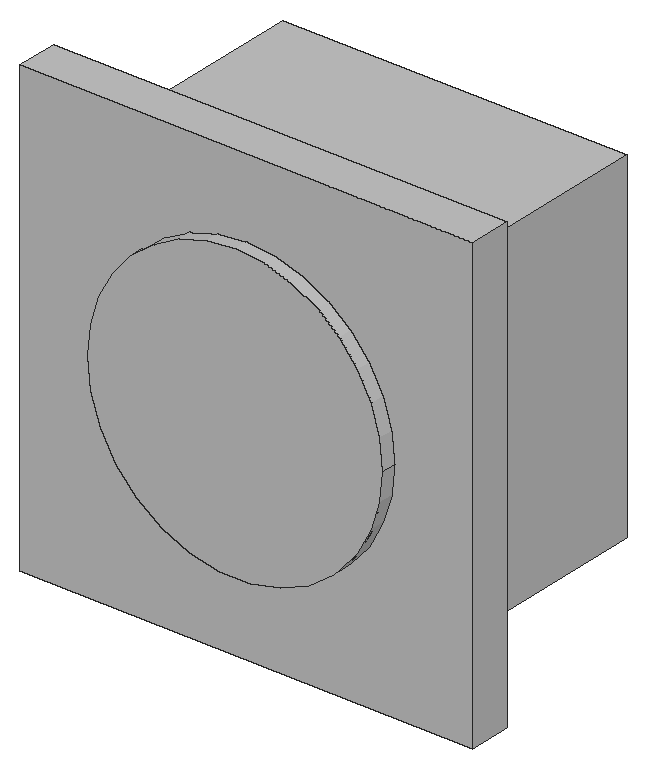
Revit family "efg_egg-20_60s(t)b2_60Hz", category 機械設備, Revit 2019
Family settings
  丸型コネクタ寸法 = 直径を使用
  パーツ タイプ = 標準
  OmniClass 番号 = 23.75.35.21.17
  OmniClass タイトル = Industrial Ventilating Equipment
  作業面ベース = いいえ
  常に垂直 = はい
  ロード時にボイドで切り取り = はい
  共有 = いいえ
  部屋計算ポイント = いいえ
Parameters (values of type "EFG-20SB2")
  騒音レベル(dB(A)) [instance] = 36
  風量 [instance] = 660.0 m³/h
  電源種別 [instance] = ""
  電圧 = 100 V
  電動機出力 = 15 W
  電動機_種別 [instance] = ""
  運転質量 = 0.00 kg
  連動 [instance] = ""
  質量 = if(製品質量 > 運転質量, 製品質量, 運転質量) * 1.2  # 6.00 kg
  負荷分類 = 3_ファン類
  説明 = "業務用有圧換気扇 店舗用 標準タイプ"
  設計風量 [instance] = 0.0 m³/h
  設置方法 = "壁付"
  記号 [instance] = ""
  製造元 = "三菱電機株式会社"
  製品質量 = 5.00 kg
  製品出荷対象 = "国内"
  製品リリース年月 = "2022年6月1日"
  製品グループ = ""
  羽根径 = "∅200"
  系統 [instance] = ""
  符号 [instance] = if(☑給気／□排気, "FS", "FE")  # "FE"
  積算_科目 = ""
  積算_拾い区分 [instance] = ""
  相 = 1
  盤記号 [instance] = ""
  盤工事区分 = ""
  発停方法 [instance] = ""
  特殊仕様 [instance] = ""
  火災停止 [instance] = ""
  消費電力 = 19.5 W
  法定耐用年数 = "15"
  極数 = 2
  極 = 4
  材質 [instance] = ""
  操作・制御方式 = ""
  操作・制御スイッチ = ""
  排気量 [instance] = if(☑給気／□排気, 0.0 m³/h, 設計風量)  # 0.0 m³/h
  形式 = ""
  幹線記号 [instance] = ""
  対象室 [instance] = ""
  実風量 [instance] = 0.0 m³/h
  始動方式 [instance] = "直入"
  外気量 [instance] = if(☑給気／□排気, 設計風量, 0.0 m³/h)  # 0.0 m³/h
  呼称 = "有圧扇"
  周波数 = 60 Hz
  参照している仕様書等のバージョン = ""
  分類コード = "50052503100110"
  分類グループ = ""
  価格 = 57800
  企業コード = "108420"
  付属品_防振装置 = ""
  付属品 [instance] = ""
  仕様書バージョン = "Version1.0"
  モデル = "EFG-20SB2"
  ファンの種類 = "軸流羽根"
  コメント [instance] = ""
  Keynote = ""
  ☑給気／□排気 [instance] = no
  Width = 322 mm
  W2 = 210 mm
  W1 = 244 mm
  Version = ""
  Uniclass2015Version = "Systems v1.9"
  Uniclass2015Title = "Propeller fans"
  Uniclass2015Code = "Pr_65_67_29_67"
  URL = "https://www.mitsubishielectric.co.jp/ldg/wink/ssl/displayProduct.do?pid=318504"
  SpecificationReference = ""
  SpecificationDescription = ""
  Revision = ""
  ProductInformation = ""
  OmniClassCode = "23-33 31 19 11 17"
  MIN風量 = 490.0 m³/h
  MID風量 = 0.0 m³/h
  MAX風量 = 660.0 m³/h
  IfcTypeProduct = ""
  IfcProduct = ""
  IfcExportType = "TUBEAXIAL"
  IfcExportAs = "IfcFanType"
  Height = 322 mm
  H1 = 244 mm
  Depth = 195 mm
  D2 = 10 mm
  D1 = 155 mm
  Author = "三菱電機株式会社"
Types (8, lengths in mm): name | 騒音レベル(dB(A)) | 風量 | 電圧 | 電動機出力 | 質量 | 製品質量 | 羽根径 | 相 | 消費電力 | 極数 | 極 | 価格 | モデル | Width | W2 | W1 | URL | MIN風量 | MAX風量 | Height | H1 | Depth | D2 | D1
  EFG-20SB2 | 36 | 660.0 m³/h | 100 V | 15 W | 6.00 kg | 5.00 kg | "∅200" | 1 | 19.5 W | 2 | 4 | 57800 | "EFG-20SB2" | 322 | 210 | 244 | "https://www.mitsubishielectric.co.jp/ldg/wink/ssl/displayProduct.do?pid=318504" | 490.0 m³/h | 660.0 m³/h | 322 | 244 | 195 | 10 | 155
  EFG-25SB2 | 39.5 | 1250.0 m³/h | 100 V | 25 W | 6.24 kg | 5.20 kg | "∅250" | 1 | 40 W | 2 | 4 | 60900 | "EFG-25SB2" | 372 | 260 | 294 | "https://www.mitsubishielectric.co.jp/ldg/wink/ssl/displayProduct.do?pid=318563" | 960.0 m³/h | 1250.0 m³/h | 372 | 294 | 205 | 20 | 155
  EFG-30SB2 | 45.5 | 1940.0 m³/h | 100 V | 50 W | 7.80 kg | 6.50 kg | "∅300" | 1 | 58.5 W | 2 | 4 | 72300 | "EFG-30SB2" | 422 | 300 | 344 | "https://www.mitsubishielectric.co.jp/ldg/wink/ssl/displayProduct.do?pid=318570" | 1350.0 m³/h | 1940.0 m³/h | 422 | 344 | 221 | 36 | 155
  EFG-35SB2 | 48.5 | 2740.0 m³/h | 100 V | 100 W | 10.92 kg | 9.10 kg | "∅350" | 1 | 108 W | 2 | 4 | 105000 | "EFG-35SB2" | 484 | 350 | 399 | "https://www.mitsubishielectric.co.jp/ldg/wink/ssl/displayProduct.do?pid=318575" | 2050.0 m³/h | 2740.0 m³/h | 484 | 399 | 211 | 26 | 155
  EFG-40SB2 | 53 | 3700.0 m³/h | 100 V | 150 W | 17.52 kg | 14.60 kg | "∅400" | 1 | 172 W | 2 | 4 | 136000 | "EFG-40SB2" | 518 | 400 | 423 | "https://www.mitsubishielectric.co.jp/ldg/wink/ssl/displayProduct.do?pid=318582" | 2810.0 m³/h | 3700.0 m³/h | 518 | 423 | 284 | 33 | 159
  EFG-40STB2 | 52.5 | 3750.0 m³/h | 200 V | 150 W | 17.16 kg | 14.30 kg | "∅400" | 3 | 158 W | 3 | 4 | 133000 | "EFG-40STB2" | 518 | 400 | 423 | "https://www.mitsubishielectric.co.jp/ldg/wink/ssl/displayProduct.do?pid=318583" | 0.0 m³/h | 3750.0 m³/h | 518 | 423 | 284 | 33 | 159
  EGG-50STB2 | 53.5 | 6340.0 m³/h | 200 V | 400 W | 25.44 kg | 21.20 kg | "∅500" | 3 | 305 W | 3 | 6 | 174000 | "EGG-50STB2" | 620 | 500 | 524 | "https://www.mitsubishielectric.co.jp/ldg/wink/ssl/displayProduct.do?pid=318602" | 0.0 m³/h | 6340.0 m³/h | 620 | 524 | 350 | 55 | 189
  EGG-60STB2 | 57.5 | 8900.0 m³/h | 200 V | 400 W | 31.08 kg | 25.90 kg | "∅600" | 3 | 435 W | 3 | 6 | 233000 | "EGG-60STB2" | 710 | 600 | 614 | "https://www.mitsubishielectric.co.jp/ldg/wink/ssl/displayProduct.do?pid=318605" | 0.0 m³/h | 8900.0 m³/h | 710 | 614 | 363 | 50 | 189
Reference planes
  plane 1 "中心(正面/背面)": y = 0
  plane 2: z = 0
  plane 3 "中心(左/右)": x = 0
  plane 4: z = 0
  plane 5: through (-212.884, -1524, -243.751) normal (0.6508, 0, 0.7593)
  plane 6: through (208.307, -1524, -247.63) normal (-0.6508, 0, 0.7593)
  plane 7 "正面": y = -40
  plane 8: through (-208.307, -1524, -247.63) normal (-0.6508, 0, -0.7593)
  plane 9: y = 210
  plane 10: y = 310
  plane 11: x = -161
  plane 12: x = 161
  plane 13: z = 161
  plane 14: x = -122
  plane 15: z = 122
  plane 16: z = -161
  plane 17: z = -122
  plane 18: x = 122
  plane 19: y = 155
  plane 20: y = -30
Forms (mm)
  Extrusion 1, solid, detail levels fine
    sketch origin (0, 0, 0) x (1, 0, 0) y (0, 0, 1)
      loop
        line (-161, 161) -> (-161, -161) -> (161, -161) -> (161, 161) -> (-161, 161)
    from 0 to 30
  Extrusion 2, solid, detail levels fine
    sketch origin (0, 0, 0) x (1, 0, 0) y (0, 0, 1)
      loop
        line (-122, 122) -> (-122, -122) -> (122, -122) -> (122, 122) -> (-122, 122)
    from -155 to 0
  Extrusion 3, solid, detail levels fine
    sketch origin (0, 0, 0) x (1, 0, 0) y (0, 0, 1)
      loop
        circle (0, 0) r 105
    from 30 to 40
Lines and regions (mm)
  Masking region 1, detail levels coarse+medium
    outline origin (0, 0, 0) x (1, 0, 0) y (0, 1, 0)
      loop
        line (-250, -40) -> (250, -40) -> (250, 210) -> (-250, 210) -> (-250, -40)
  Masking region 2, detail levels coarse+medium
    outline origin (0, 0, 0) x (1, 0, 0) y (0, 1, 0)
      loop
        line (-124, 210) -> (124, 210) -> (124, 310) -> (-124, 310) -> (-124, 210)
  symbolic lines, detail levels coarse+medium
    curve 1: circle (124, -46, 0) r 115 normal (0, 0, 1)
    curve 2: circle (-124, -46, 0) r 115 normal (0, 0, -1)
Dimensions and locks
  level to plane 4 = 0 mm
  plane 7 "正面" to plane 9 to plane 10 = 250 mm locked, 100 mm locked
  equal spacing: plane 18, plane 3 "中心(左/右)", plane 14
  "W1": plane 18 to plane 14
  equal spacing: plane 12, plane 3 "中心(左/右)", plane 11
  "Width": plane 12 to plane 11
  equal spacing: plane 15, level, plane 17
  "H1": plane 15 to plane 17
  equal spacing: plane 13, level, plane 16
  "Height": plane 13 to plane 16
  "D1": plane 1 "中心(正面/背面)" to plane 19
  "Depth": plane 7 "正面" to plane 19
  "D2": plane 7 "正面" to plane 20
  "W2": diameter of Extrusion 3 sketch curve
  aligned and locked: level to plane 2
  aligned and locked: plane 7 "正面" to Masking region 1 sketch curve
  aligned and locked: plane 9 to Masking region 1 sketch curve
  aligned and locked: Masking region 2 sketch curve to plane 9
  aligned and locked: plane 10 to Masking region 2 sketch curve
  aligned and locked: Extrusion 1 sketch curve to plane 13
  aligned and locked: plane 11 to Extrusion 1 sketch curve
  aligned and locked: Extrusion 1 sketch curve to plane 16
  aligned and locked: plane 12 to Extrusion 1 sketch curve
  aligned and locked: Extrusion 2 sketch curve to plane 15
  aligned and locked: plane 14 to Extrusion 2 sketch curve
  aligned and locked: Extrusion 2 sketch curve to plane 17
  aligned and locked: plane 18 to Extrusion 2 sketch curve
  aligned and locked: plane 19 to Extrusion 2
  aligned and locked: plane 1 "中心(正面/背面)" to Extrusion 2
  aligned and locked: Extrusion 1 to plane 1 "中心(正面/背面)"
  aligned and locked: Extrusion 1 to plane 20
  aligned and locked: plane 7 "正面" to Extrusion 3
  aligned and locked: plane 20 to Extrusion 3
Automatic sketch dimensions
  curve 2 to plane 3 "中心(左/右)" = 124 mm
  plane 3 "中心(左/右)" to curve 1 = 124 mm
  Masking region 1 sketch curve to plane 3 "中心(左/右)" = 250 mm
  plane 3 "中心(左/右)" to Masking region 1 sketch curve = 250 mm
  Masking region 2 sketch curve to plane 3 "中心(左/右)" = 124 mm
  plane 3 "中心(左/右)" to Masking region 2 sketch curve = 124 mm
  plane 7 "正面" to curve 2 = 6 mm
  plane 7 "正面" to curve 1 = 6 mm
  Extrusion 3 sketch curve to level = 0 mm
  Extrusion 3 sketch curve to plane 3 "中心(左/右)" = 0 mm
  radius of curve 1 = 115 mm
  radius of curve 2 = 115 mm
Connectors
  electrical at (-161, -15, 0), driven by "極数", driven by "負荷分類", driven by "電圧", driven by "消費電力"
    settings: on Extrusion 1, index 1, voltage 100 V, apparent load 19.5 VA, apparent load phase1 0 VA, apparent load phase2 0 VA, apparent load phase3 0 VA, power factor 1, load classification "3_ファン類", number of poles 2, system type 30, power factor state 1, is connector primary yes, connector utility no, sub classification motor no, connector description ""
